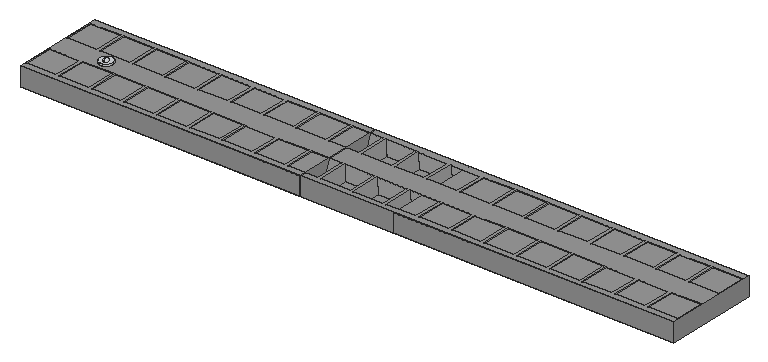
Revit family "2023775", category Lighting Fixtures, host Face, Revit 2018
Family settings
  Host = Face
  Round Connector Dimension = Use Diameter
  Part Type = Normal
  OmniClass Number = 23.80.70.00
  OmniClass Title = Lighting
  Cut with Voids When Loaded = No
  Light Source = Yes
  Shared = No
  Room Calculation Point = No
Parameters (values of type "2023775 OPTIX S 1500 2L D/I HO 4K ALU SSA02")
  Weight = "n/a"
  Wattage Comments = ""
  Wattage = 9.2903 W
  WarrantyStartDate [instance] = "n/a"
  WarrantyGuarantorParts = "n/a"
  WarrantyDurationUnit = "n/a"
  WarrantyDurationParts = ""
  WarrantyDescription = "http://www.sylvania-lighting.com"
  built-in parameter 1150110 = 1 (stored number, unit not read)
  Voltage = 0 V
  URL = "0.95"
  TypeName = "OPTIX SURFACE 1500 2L D/I HO 4000K ALU SSA02"
  Type Image = <None>
  Type Comments = "n/a"
  built-in parameter 1114217 = 1 (stored number, unit not read)
  Tilt Angle = -90.00°
  built-in parameter 1150109 = 1 (stored number, unit not read)
  built-in parameter 1150134 = 3
  built-in parameter 1150113 = 1 (stored number, unit not read)
  SerialNumber [instance] = "n/a"
  Photometric Web File = "2023775.ies"
  Material_3_SYL = none
  PowerFactor = 0
  PowerConsumption = "Lighting"
  NominalLength = 200 mm
  NominalHeight = 45 mm
  NominalDepth = 200 mm
  Name = "OPTIX SURFACE 1500 2L D/I HO 4000K ALU SSA02"
  ModelReference = Name  # "OPTIX SURFACE 1500 2L D/I HO 4000K ALU SSA02"
  ModelNumber = "2023775"
  Model = Name  # "OPTIX SURFACE 1500 2L D/I HO 4000K ALU SSA02"
  Material = "Feilo Sylvania"
  ManufacturerName = "149 lm/W"
  Manufacturer = ""
  LuminousEfficacy = ""
  built-in parameter 1150105 = 109.82 (stored number, unit not read)
  Lumens = 1380 lm
  LuminaireType = "0"
  built-in parameter 1150115 = 1 (stored number, unit not read)
  LightOutputRatio = "LED"
  built-in parameter 1150137 = (empty or 0)
  built-in parameter 1150139 = (empty or 0)
  LampsType = Lamp  # "n/a"
  LampNominalLuminous = "4000 K"
  LampMacAdamStep = "80"
  LampColourTemperature = "LED"
  LampColourRenderingIndex = "16500"
  built-in parameter 1150112 = 1 (stored number, unit not read)
  built-in parameter 1150114 = 1 (stored number, unit not read)
  Lamp = "n/a"
  Keynote = "n/a"
  InstallationDate [instance] = "n/a"
  InputVoltage = "0"
  InputNominalFrequency = "4000"
  built-in parameter 1150132 = (empty or 0)
  built-in parameter 1150102 = (empty or 0)
  built-in parameter 1150107 = 3200 (stored number, unit not read)
  built-in parameter 1150138 = (empty or 0)
  IngressProtection = "IfcLightFixtureType"
  ImpactProtectionIndex = "IfcLightFixtureType"
  built-in parameter 1150106 = 1.0982 (stored number, unit not read)
  IfcExportType = "IfcLightFixtureType"
  IfcExportAs = "Class I"
  Emit from Circle Diameter = 609.6 mm
  Emit Shape Visible in Rendering = no
  ElectricShockClassification = "149"
  built-in parameter 1150104 = 13.8 (stored number, unit not read)
  DocumentationLiterature = "http://www.sylvania-lighting.com/product/en-int/products/2023775"
  DimmingControlOptions = "n/a"
  Material_2_SYL = none
  Dimming Lamp Color Temperature Shift = <None>
  Description = "OPTIX SURFACE 1500x200 2 LINE D/I HO 4000K ALU SSA02 is a high efficacy low glare luminaire for office and education applications. Direct / Indirect lighting with 80% downlight and 20% uplight ratio for ceiling suspended mounting. Size: 1410x200x45mm. Aluminised plastic extra low glare optics in 2 lines configuration. White RAL9016 fixture body. SylSmart Connected capable. 4000K Neutral White LED, CRI>80, chromaticity tolerance of 3-step MacAdam ellipse. Luminous flux 7000lm. Power consumption 47W. Luminaire efficacy 149lm/W. Lifespan: 60,000 hours L90B10. UGR<14, Luminance at 65°<200 Cd/m2, IK07, IP20. Photobiological safety risk group 0. Electrical protection Class I. Glow wire test 850°C."
  Default Elevation = 1219.2 mm
  CreatedOn = "22/09/2022"
  CreatedBy = "@sylvania-lighting.com"
  Cost = 0
  Color Filter = 16777215
  built-in parameter 1114216 [instance] = (empty or 0)
  ClassificationValue = "EF_70_80"
  ClassificationName = "Uniclass2015"
  Material_1_SYL = none
  BarCode [instance] = "n/a"
  built-in parameter 1114218 = 1 (stored number, unit not read)
  built-in parameter 1150133 = 10 (stored number, unit not read)
  AssetType = "Fixed"
  AssetIdentifier [instance] = "n/a"
  Assembly Code = "D5020200"
  Apparent Load = 47 VA
  Material_4_SYL = none
Reference planes
  plane 1 "Center (Front/Back)": y = 0
  plane 2: z = 0
  plane 3 "Center (Left/Right)": x = 0
  plane 4: x = -100
  plane 5: x = 100
  plane 6: y = 100
  plane 7: y = -100
  plane 8: z = 45
  plane 9: x = -698.5
  plane 10: x = 698.5
  plane 11: x = -633
  plane 12: y = 23
  plane 13: y = -23
  plane 14: x = -563
  plane 15: x = -557
  plane 16: x = -493
  plane 17: x = -487
  plane 18: x = -423
  plane 19: x = -417
  plane 20: x = -353
  plane 21: x = -347
  plane 22: x = -283
  plane 23: x = -277
  plane 24: x = -213
  plane 25: x = -206.997
  plane 26: x = -142.997
  plane 27: x = -136.997
  plane 28: x = -72.997
  plane 29: x = -66.997
  plane 30: x = -2.997
  plane 31: x = 3.003
  plane 32: x = 67.003
  plane 33: x = 73.003
  plane 34: x = 137.003
  plane 35: x = 143.003
  plane 36: x = 207.003
  plane 37: x = 213.003
  plane 38: x = 277.003
  plane 39: x = 283.003
  plane 40: x = 347.003
  plane 41: x = 353.003
  plane 42: x = 417.003
  plane 43: x = 423.003
  plane 44: x = 487.003
  plane 45: x = 493.003
  plane 46: x = 557.003
  plane 47: x = 563.003
  plane 48: x = 627.003
  plane 49: x = 633.003
  plane 50: x = -627
  plane 51: x = 697.011
  plane 52: x = -697
  plane 53: y = -87
  plane 54: y = -55
  plane 55: y = -33.5
  plane 56: y = -76.5
  plane 57: x = -665
  plane 58: x = -643.5
  plane 59: x = -686.5
  plane 60: x = -595
  plane 61: y = -5
  plane 62: z = 52.5
Forms (mm)
  Extrusion 1, solid, material "Aluminum", detail levels medium+fine
    sketch origin (0, 0, 0) x (1, 0, 0) y (0, 1, 0)
      loop
        line (-512.5, 10) -> (-512.5, -10) -> (-487.5, -10) -> (-487.5, 10) -> (-512.5, 10)
    from 0 to 6
  Extrusion 2, solid, material "Aluminum", detail levels medium+fine
    sketch origin (0, 0, 0) x (1, 0, 0) y (0, 1, 0)
      loop
        line (486, 10) -> (486, -10) -> (511, -10) -> (511, 10) -> (486, 10)
    from 0 to 6
  Extrusion 3, solid, material "Aluminum", detail levels medium+fine
    sketch origin (0, 0, 0) x (1, 0, 0) y (0, 1, 0)
      loop
        line (-698.5, 100) -> (-698.5, -100) -> (698.5, -100) -> (698.5, 100) -> (-698.5, 100)
    from 6 to 45
  Extrusion 4, solid, material "Aluminum", detail levels medium+fine
    sketch origin (0, 0, 0) x (1, 0, 0) y (0, 1, 0)
      loop
        line (-100, 100) -> (-698.5, 100) -> (-698.5, -100) -> (-100, -100) -> (-100, 100)
    from 6 to 45
  Extrusion 5, solid, material "Aluminum", detail levels medium+fine
    sketch origin (0, 0, 0) x (1, 0, 0) y (0, 1, 0)
      loop
        line (698.5, 100) -> (100, 100) -> (100, -100) -> (698.5, -100) -> (698.5, 100)
    from 6 to 45
  Blend 6, void
    base sketch origin (0, 0, 0) x (1, 0, 0) y (0, 1, 0)
      loop
        line (-697, -23) -> (-697, -87) -> (-633, -87) -> (-633, -23) -> (-697, -23)
    top sketch origin (0, 0, 0) x (1, 0, 0) y (0, 1, 0)
      loop
        line (-686.5, -33.5) -> (-686.5, -76.5) -> (-643.5, -76.5) -> (-643.5, -33.5) -> (-686.5, -33.5)
    from 45 to 18.5
  Extrusion 7, solid, material "Glass, White, High Luminance", detail levels fine
    sketch origin (0, 0, 0) x (1, 0, 0) y (0, 1, 0)
      loop
        line (-686.5, -33.5) -> (-686.5, -76.5) -> (-643.5, -76.5) -> (-643.5, -33.5) -> (-686.5, -33.5)
    from 18.5 to 20
  Blend 8, void
    base sketch origin (70, 0, 0) x (1, 0, 0) y (0, 1, 0)
      loop
        line (-697, -23) -> (-697, -87) -> (-633, -87) -> (-633, -23) -> (-697, -23)
    top sketch origin (70, 0, 0) x (1, 0, 0) y (0, 1, 0)
      loop
        line (-686.5, -33.5) -> (-686.5, -76.5) -> (-643.5, -76.5) -> (-643.5, -33.5) -> (-686.5, -33.5)
    from 45 to 18.5
  Blend 9, void
    base sketch origin (140, 0, 0) x (1, 0, 0) y (0, 1, 0)
      loop
        line (-697, -23) -> (-697, -87) -> (-633, -87) -> (-633, -23) -> (-697, -23)
    top sketch origin (140, 0, 0) x (1, 0, 0) y (0, 1, 0)
      loop
        line (-686.5, -33.5) -> (-686.5, -76.5) -> (-643.5, -76.5) -> (-643.5, -33.5) -> (-686.5, -33.5)
    from 45 to 18.5
  Blend 10, void
    base sketch origin (210, 0, 0) x (1, 0, 0) y (0, 1, 0)
      loop
        line (-697, -23) -> (-697, -87) -> (-633, -87) -> (-633, -23) -> (-697, -23)
    top sketch origin (210, 0, 0) x (1, 0, 0) y (0, 1, 0)
      loop
        line (-686.5, -33.5) -> (-686.5, -76.5) -> (-643.5, -76.5) -> (-643.5, -33.5) -> (-686.5, -33.5)
    from 45 to 18.5
  Blend 11, void
    base sketch origin (280, 0, 0) x (1, 0, 0) y (0, 1, 0)
      loop
        line (-697, -23) -> (-697, -87) -> (-633, -87) -> (-633, -23) -> (-697, -23)
    top sketch origin (280, 0, 0) x (1, 0, 0) y (0, 1, 0)
      loop
        line (-686.5, -33.5) -> (-686.5, -76.5) -> (-643.5, -76.5) -> (-643.5, -33.5) -> (-686.5, -33.5)
    from 45 to 18.5
  Blend 12, void
    base sketch origin (350, 0, 0) x (1, 0, 0) y (0, 1, 0)
      loop
        line (-697, -23) -> (-697, -87) -> (-633, -87) -> (-633, -23) -> (-697, -23)
    top sketch origin (350, 0, 0) x (1, 0, 0) y (0, 1, 0)
      loop
        line (-686.5, -33.5) -> (-686.5, -76.5) -> (-643.5, -76.5) -> (-643.5, -33.5) -> (-686.5, -33.5)
    from 45 to 18.5
  Blend 13, void
    base sketch origin (420, 0, 0) x (1, 0, 0) y (0, 1, 0)
      loop
        line (-697, -23) -> (-697, -87) -> (-633, -87) -> (-633, -23) -> (-697, -23)
    top sketch origin (420, 0, 0) x (1, 0, 0) y (0, 1, 0)
      loop
        line (-686.5, -33.5) -> (-686.5, -76.5) -> (-643.5, -76.5) -> (-643.5, -33.5) -> (-686.5, -33.5)
    from 45 to 18.5
  Blend 14, void
    base sketch origin (490.003, 0, 0) x (1, 0, 0) y (0, 1, 0)
      loop
        line (-697, -23) -> (-697, -87) -> (-633, -87) -> (-633, -23) -> (-697, -23)
    top sketch origin (490.003, 0, 0) x (1, 0, 0) y (0, 1, 0)
      loop
        line (-686.5, -33.5) -> (-686.5, -76.5) -> (-643.5, -76.5) -> (-643.5, -33.5) -> (-686.5, -33.5)
    from 45 to 18.5
  Blend 15, void
    base sketch origin (560.003, 0, 0) x (1, 0, 0) y (0, 1, 0)
      loop
        line (-697, -23) -> (-697, -87) -> (-633, -87) -> (-633, -23) -> (-697, -23)
    top sketch origin (560.003, 0, 0) x (1, 0, 0) y (0, 1, 0)
      loop
        line (-686.5, -33.5) -> (-686.5, -76.5) -> (-643.5, -76.5) -> (-643.5, -33.5) -> (-686.5, -33.5)
    from 45 to 18.5
  Blend 16, void
    base sketch origin (630.003, 0, 0) x (1, 0, 0) y (0, 1, 0)
      loop
        line (-697, -23) -> (-697, -87) -> (-633, -87) -> (-633, -23) -> (-697, -23)
    top sketch origin (630.003, 0, 0) x (1, 0, 0) y (0, 1, 0)
      loop
        line (-686.5, -33.5) -> (-686.5, -76.5) -> (-643.5, -76.5) -> (-643.5, -33.5) -> (-686.5, -33.5)
    from 45 to 18.5
  Blend 17, void
    base sketch origin (700.003, 0, 0) x (1, 0, 0) y (0, 1, 0)
      loop
        line (-697, -23) -> (-697, -87) -> (-633, -87) -> (-633, -23) -> (-697, -23)
    top sketch origin (700.003, 0, 0) x (1, 0, 0) y (0, 1, 0)
      loop
        line (-686.5, -33.5) -> (-686.5, -76.5) -> (-643.5, -76.5) -> (-643.5, -33.5) -> (-686.5, -33.5)
    from 45 to 18.5
  Blend 18, void
    base sketch origin (770.003, 0, 0) x (1, 0, 0) y (0, 1, 0)
      loop
        line (-697, -23) -> (-697, -87) -> (-633, -87) -> (-633, -23) -> (-697, -23)
    top sketch origin (770.003, 0, 0) x (1, 0, 0) y (0, 1, 0)
      loop
        line (-686.5, -33.5) -> (-686.5, -76.5) -> (-643.5, -76.5) -> (-643.5, -33.5) -> (-686.5, -33.5)
    from 45 to 18.5
  Blend 19, void
    base sketch origin (840.003, 0, 0) x (1, 0, 0) y (0, 1, 0)
      loop
        line (-697, -23) -> (-697, -87) -> (-633, -87) -> (-633, -23) -> (-697, -23)
    top sketch origin (840.003, 0, 0) x (1, 0, 0) y (0, 1, 0)
      loop
        line (-686.5, -33.5) -> (-686.5, -76.5) -> (-643.5, -76.5) -> (-643.5, -33.5) -> (-686.5, -33.5)
    from 45 to 18.5
  Blend 20, void
    base sketch origin (910.003, 0, 0) x (1, 0, 0) y (0, 1, 0)
      loop
        line (-697, -23) -> (-697, -87) -> (-633, -87) -> (-633, -23) -> (-697, -23)
    top sketch origin (910.003, 0, 0) x (1, 0, 0) y (0, 1, 0)
      loop
        line (-686.5, -33.5) -> (-686.5, -76.5) -> (-643.5, -76.5) -> (-643.5, -33.5) -> (-686.5, -33.5)
    from 45 to 18.5
  Blend 21, void
    base sketch origin (980.003, 0, 0) x (1, 0, 0) y (0, 1, 0)
      loop
        line (-697, -23) -> (-697, -87) -> (-633, -87) -> (-633, -23) -> (-697, -23)
    top sketch origin (980.003, 0, 0) x (1, 0, 0) y (0, 1, 0)
      loop
        line (-686.5, -33.5) -> (-686.5, -76.5) -> (-643.5, -76.5) -> (-643.5, -33.5) -> (-686.5, -33.5)
    from 45 to 18.5
  Blend 22, void
    base sketch origin (1050.003, 0, 0) x (1, 0, 0) y (0, 1, 0)
      loop
        line (-697, -23) -> (-697, -87) -> (-633, -87) -> (-633, -23) -> (-697, -23)
    top sketch origin (1050.003, 0, 0) x (1, 0, 0) y (0, 1, 0)
      loop
        line (-686.5, -33.5) -> (-686.5, -76.5) -> (-643.5, -76.5) -> (-643.5, -33.5) -> (-686.5, -33.5)
    from 45 to 18.5
  Blend 23, void
    base sketch origin (1120.003, 0, 0) x (1, 0, 0) y (0, 1, 0)
      loop
        line (-697, -23) -> (-697, -87) -> (-633, -87) -> (-633, -23) -> (-697, -23)
    top sketch origin (1120.003, 0, 0) x (1, 0, 0) y (0, 1, 0)
      loop
        line (-686.5, -33.5) -> (-686.5, -76.5) -> (-643.5, -76.5) -> (-643.5, -33.5) -> (-686.5, -33.5)
    from 45 to 18.5
  Blend 24, void
    base sketch origin (1190.003, 0, 0) x (1, 0, 0) y (0, 1, 0)
      loop
        line (-697, -23) -> (-697, -87) -> (-633, -87) -> (-633, -23) -> (-697, -23)
    top sketch origin (1190.003, 0, 0) x (1, 0, 0) y (0, 1, 0)
      loop
        line (-686.5, -33.5) -> (-686.5, -76.5) -> (-643.5, -76.5) -> (-643.5, -33.5) -> (-686.5, -33.5)
    from 45 to 18.5
  Blend 25, void
    base sketch origin (1260.003, 0, 0) x (1, 0, 0) y (0, 1, 0)
      loop
        line (-697, -23) -> (-697, -87) -> (-633, -87) -> (-633, -23) -> (-697, -23)
    top sketch origin (1260.003, 0, 0) x (1, 0, 0) y (0, 1, 0)
      loop
        line (-686.5, -33.5) -> (-686.5, -76.5) -> (-643.5, -76.5) -> (-643.5, -33.5) -> (-686.5, -33.5)
    from 45 to 18.5
  Blend 26, void
    base sketch origin (1330.003, 0, 0) x (1, 0, 0) y (0, 1, 0)
      loop
        line (-697, -23) -> (-697, -87) -> (-633, -87) -> (-633, -23) -> (-697, -23)
    top sketch origin (1330.003, 0, 0) x (1, 0, 0) y (0, 1, 0)
      loop
        line (-686.5, -33.5) -> (-686.5, -76.5) -> (-643.5, -76.5) -> (-643.5, -33.5) -> (-686.5, -33.5)
    from 45 to 18.5
  Extrusion 27, solid, material "Glass, White, High Luminance", detail levels fine
    sketch origin (70, 0, 0) x (1, 0, 0) y (0, 1, 0)
      loop
        line (-686.5, -33.5) -> (-686.5, -76.5) -> (-643.5, -76.5) -> (-643.5, -33.5) -> (-686.5, -33.5)
    from 18.5 to 20
  Extrusion 28, solid, material "Glass, White, High Luminance", detail levels fine
    sketch origin (140, 0, 0) x (1, 0, 0) y (0, 1, 0)
      loop
        line (-686.5, -33.5) -> (-686.5, -76.5) -> (-643.5, -76.5) -> (-643.5, -33.5) -> (-686.5, -33.5)
    from 18.5 to 20
  Extrusion 29, solid, material "Glass, White, High Luminance", detail levels fine
    sketch origin (210, 0, 0) x (1, 0, 0) y (0, 1, 0)
      loop
        line (-686.5, -33.5) -> (-686.5, -76.5) -> (-643.5, -76.5) -> (-643.5, -33.5) -> (-686.5, -33.5)
    from 18.5 to 20
  Extrusion 30, solid, material "Glass, White, High Luminance", detail levels fine
    sketch origin (280, 0, 0) x (1, 0, 0) y (0, 1, 0)
      loop
        line (-686.5, -33.5) -> (-686.5, -76.5) -> (-643.5, -76.5) -> (-643.5, -33.5) -> (-686.5, -33.5)
    from 18.5 to 20
  Extrusion 31, solid, material "Glass, White, High Luminance", detail levels fine
    sketch origin (350, 0, 0) x (1, 0, 0) y (0, 1, 0)
      loop
        line (-686.5, -33.5) -> (-686.5, -76.5) -> (-643.5, -76.5) -> (-643.5, -33.5) -> (-686.5, -33.5)
    from 18.5 to 20
  Extrusion 32, solid, material "Glass, White, High Luminance", detail levels fine
    sketch origin (420, 0, 0) x (1, 0, 0) y (0, 1, 0)
      loop
        line (-686.5, -33.5) -> (-686.5, -76.5) -> (-643.5, -76.5) -> (-643.5, -33.5) -> (-686.5, -33.5)
    from 18.5 to 20
  Extrusion 33, solid, material "Glass, White, High Luminance", detail levels fine
    sketch origin (490.003, 0, 0) x (1, 0, 0) y (0, 1, 0)
      loop
        line (-686.5, -33.5) -> (-686.5, -76.5) -> (-643.5, -76.5) -> (-643.5, -33.5) -> (-686.5, -33.5)
    from 18.5 to 20
  Extrusion 34, solid, material "Glass, White, High Luminance", detail levels fine
    sketch origin (560.003, 0, 0) x (1, 0, 0) y (0, 1, 0)
      loop
        line (-686.5, -33.5) -> (-686.5, -76.5) -> (-643.5, -76.5) -> (-643.5, -33.5) -> (-686.5, -33.5)
    from 18.5 to 20
  Extrusion 35, solid, material "Glass, White, High Luminance", detail levels fine
    sketch origin (630.003, 0, 0) x (1, 0, 0) y (0, 1, 0)
      loop
        line (-686.5, -33.5) -> (-686.5, -76.5) -> (-643.5, -76.5) -> (-643.5, -33.5) -> (-686.5, -33.5)
    from 18.5 to 20
  Extrusion 36, solid, material "Glass, White, High Luminance", detail levels fine
    sketch origin (700.003, 0, 0) x (1, 0, 0) y (0, 1, 0)
      loop
        line (-686.5, -33.5) -> (-686.5, -76.5) -> (-643.5, -76.5) -> (-643.5, -33.5) -> (-686.5, -33.5)
    from 18.5 to 20
  Extrusion 37, solid, material "Glass, White, High Luminance", detail levels fine
    sketch origin (770.003, 0, 0) x (1, 0, 0) y (0, 1, 0)
      loop
        line (-686.5, -33.5) -> (-686.5, -76.5) -> (-643.5, -76.5) -> (-643.5, -33.5) -> (-686.5, -33.5)
    from 18.5 to 20
  Extrusion 38, solid, material "Glass, White, High Luminance", detail levels fine
    sketch origin (840.003, 0, 0) x (1, 0, 0) y (0, 1, 0)
      loop
        line (-686.5, -33.5) -> (-686.5, -76.5) -> (-643.5, -76.5) -> (-643.5, -33.5) -> (-686.5, -33.5)
    from 18.5 to 20
  Extrusion 39, solid, material "Glass, White, High Luminance", detail levels fine
    sketch origin (910.003, 0, 0) x (1, 0, 0) y (0, 1, 0)
      loop
        line (-686.5, -33.5) -> (-686.5, -76.5) -> (-643.5, -76.5) -> (-643.5, -33.5) -> (-686.5, -33.5)
    from 18.5 to 20
  Extrusion 40, solid, material "Glass, White, High Luminance", detail levels fine
    sketch origin (980.003, 0, 0) x (1, 0, 0) y (0, 1, 0)
      loop
        line (-686.5, -33.5) -> (-686.5, -76.5) -> (-643.5, -76.5) -> (-643.5, -33.5) -> (-686.5, -33.5)
    from 18.5 to 20
  Extrusion 41, solid, material "Glass, White, High Luminance", detail levels fine
    sketch origin (1050.003, 0, 0) x (1, 0, 0) y (0, 1, 0)
      loop
        line (-686.5, -33.5) -> (-686.5, -76.5) -> (-643.5, -76.5) -> (-643.5, -33.5) -> (-686.5, -33.5)
    from 18.5 to 20
  Extrusion 42, solid, material "Glass, White, High Luminance", detail levels fine
    sketch origin (1120.003, 0, 0) x (1, 0, 0) y (0, 1, 0)
      loop
        line (-686.5, -33.5) -> (-686.5, -76.5) -> (-643.5, -76.5) -> (-643.5, -33.5) -> (-686.5, -33.5)
    from 18.5 to 20
  Extrusion 43, solid, material "Glass, White, High Luminance", detail levels fine
    sketch origin (1190.003, 0, 0) x (1, 0, 0) y (0, 1, 0)
      loop
        line (-686.5, -33.5) -> (-686.5, -76.5) -> (-643.5, -76.5) -> (-643.5, -33.5) -> (-686.5, -33.5)
    from 18.5 to 20
  Extrusion 44, solid, material "Glass, White, High Luminance", detail levels fine
    sketch origin (1260.003, 0, 0) x (1, 0, 0) y (0, 1, 0)
      loop
        line (-686.5, -33.5) -> (-686.5, -76.5) -> (-643.5, -76.5) -> (-643.5, -33.5) -> (-686.5, -33.5)
    from 18.5 to 20
  Extrusion 45, solid, material "Glass, White, High Luminance", detail levels fine
    sketch origin (1330.003, 0, 0) x (1, 0, 0) y (0, 1, 0)
      loop
        line (-686.5, -33.5) -> (-686.5, -76.5) -> (-643.5, -76.5) -> (-643.5, -33.5) -> (-686.5, -33.5)
    from 18.5 to 20
  Blend 46, void
    base sketch origin (0, 110, 0) x (1, 0, 0) y (0, 1, 0)
      loop
        line (-697, -23) -> (-697, -87) -> (-633, -87) -> (-633, -23) -> (-697, -23)
    top sketch origin (0, 110, 0) x (1, 0, 0) y (0, 1, 0)
      loop
        line (-686.5, -33.5) -> (-686.5, -76.5) -> (-643.5, -76.5) -> (-643.5, -33.5) -> (-686.5, -33.5)
    from 45 to 18.5
  Blend 47, void
    base sketch origin (70, 110, 0) x (1, 0, 0) y (0, 1, 0)
      loop
        line (-697, -23) -> (-697, -87) -> (-633, -87) -> (-633, -23) -> (-697, -23)
    top sketch origin (70, 110, 0) x (1, 0, 0) y (0, 1, 0)
      loop
        line (-686.5, -33.5) -> (-686.5, -76.5) -> (-643.5, -76.5) -> (-643.5, -33.5) -> (-686.5, -33.5)
    from 45 to 18.5
  Blend 48, void
    base sketch origin (140, 110, 0) x (1, 0, 0) y (0, 1, 0)
      loop
        line (-697, -23) -> (-697, -87) -> (-633, -87) -> (-633, -23) -> (-697, -23)
    top sketch origin (140, 110, 0) x (1, 0, 0) y (0, 1, 0)
      loop
        line (-686.5, -33.5) -> (-686.5, -76.5) -> (-643.5, -76.5) -> (-643.5, -33.5) -> (-686.5, -33.5)
    from 45 to 18.5
  Blend 49, void
    base sketch origin (210, 110, 0) x (1, 0, 0) y (0, 1, 0)
      loop
        line (-697, -23) -> (-697, -87) -> (-633, -87) -> (-633, -23) -> (-697, -23)
    top sketch origin (210, 110, 0) x (1, 0, 0) y (0, 1, 0)
      loop
        line (-686.5, -33.5) -> (-686.5, -76.5) -> (-643.5, -76.5) -> (-643.5, -33.5) -> (-686.5, -33.5)
    from 45 to 18.5
  Blend 50, void
    base sketch origin (280, 110, 0) x (1, 0, 0) y (0, 1, 0)
      loop
        line (-697, -23) -> (-697, -87) -> (-633, -87) -> (-633, -23) -> (-697, -23)
    top sketch origin (280, 110, 0) x (1, 0, 0) y (0, 1, 0)
      loop
        line (-686.5, -33.5) -> (-686.5, -76.5) -> (-643.5, -76.5) -> (-643.5, -33.5) -> (-686.5, -33.5)
    from 45 to 18.5
  Blend 51, void
    base sketch origin (350, 110, 0) x (1, 0, 0) y (0, 1, 0)
      loop
        line (-697, -23) -> (-697, -87) -> (-633, -87) -> (-633, -23) -> (-697, -23)
    top sketch origin (350, 110, 0) x (1, 0, 0) y (0, 1, 0)
      loop
        line (-686.5, -33.5) -> (-686.5, -76.5) -> (-643.5, -76.5) -> (-643.5, -33.5) -> (-686.5, -33.5)
    from 45 to 18.5
  Blend 52, void
    base sketch origin (420, 110, 0) x (1, 0, 0) y (0, 1, 0)
      loop
        line (-697, -23) -> (-697, -87) -> (-633, -87) -> (-633, -23) -> (-697, -23)
    top sketch origin (420, 110, 0) x (1, 0, 0) y (0, 1, 0)
      loop
        line (-686.5, -33.5) -> (-686.5, -76.5) -> (-643.5, -76.5) -> (-643.5, -33.5) -> (-686.5, -33.5)
    from 45 to 18.5
  Blend 53, void
    base sketch origin (490.003, 110, 0) x (1, 0, 0) y (0, 1, 0)
      loop
        line (-697, -23) -> (-697, -87) -> (-633, -87) -> (-633, -23) -> (-697, -23)
    top sketch origin (490.003, 110, 0) x (1, 0, 0) y (0, 1, 0)
      loop
        line (-686.5, -33.5) -> (-686.5, -76.5) -> (-643.5, -76.5) -> (-643.5, -33.5) -> (-686.5, -33.5)
    from 45 to 18.5
  Blend 54, void
    base sketch origin (560.003, 110, 0) x (1, 0, 0) y (0, 1, 0)
      loop
        line (-697, -23) -> (-697, -87) -> (-633, -87) -> (-633, -23) -> (-697, -23)
    top sketch origin (560.003, 110, 0) x (1, 0, 0) y (0, 1, 0)
      loop
        line (-686.5, -33.5) -> (-686.5, -76.5) -> (-643.5, -76.5) -> (-643.5, -33.5) -> (-686.5, -33.5)
    from 45 to 18.5
  Blend 55, void
    base sketch origin (630.003, 110, 0) x (1, 0, 0) y (0, 1, 0)
      loop
        line (-697, -23) -> (-697, -87) -> (-633, -87) -> (-633, -23) -> (-697, -23)
    top sketch origin (630.003, 110, 0) x (1, 0, 0) y (0, 1, 0)
      loop
        line (-686.5, -33.5) -> (-686.5, -76.5) -> (-643.5, -76.5) -> (-643.5, -33.5) -> (-686.5, -33.5)
    from 45 to 18.5
  Blend 56, void
    base sketch origin (700.003, 110, 0) x (1, 0, 0) y (0, 1, 0)
      loop
        line (-697, -23) -> (-697, -87) -> (-633, -87) -> (-633, -23) -> (-697, -23)
    top sketch origin (700.003, 110, 0) x (1, 0, 0) y (0, 1, 0)
      loop
        line (-686.5, -33.5) -> (-686.5, -76.5) -> (-643.5, -76.5) -> (-643.5, -33.5) -> (-686.5, -33.5)
    from 45 to 18.5
  Blend 57, void
    base sketch origin (770.003, 110, 0) x (1, 0, 0) y (0, 1, 0)
      loop
        line (-697, -23) -> (-697, -87) -> (-633, -87) -> (-633, -23) -> (-697, -23)
    top sketch origin (770.003, 110, 0) x (1, 0, 0) y (0, 1, 0)
      loop
        line (-686.5, -33.5) -> (-686.5, -76.5) -> (-643.5, -76.5) -> (-643.5, -33.5) -> (-686.5, -33.5)
    from 45 to 18.5
  Blend 58, void
    base sketch origin (840.003, 110, 0) x (1, 0, 0) y (0, 1, 0)
      loop
        line (-697, -23) -> (-697, -87) -> (-633, -87) -> (-633, -23) -> (-697, -23)
    top sketch origin (840.003, 110, 0) x (1, 0, 0) y (0, 1, 0)
      loop
        line (-686.5, -33.5) -> (-686.5, -76.5) -> (-643.5, -76.5) -> (-643.5, -33.5) -> (-686.5, -33.5)
    from 45 to 18.5
  Blend 59, void
    base sketch origin (910.003, 110, 0) x (1, 0, 0) y (0, 1, 0)
      loop
        line (-697, -23) -> (-697, -87) -> (-633, -87) -> (-633, -23) -> (-697, -23)
    top sketch origin (910.003, 110, 0) x (1, 0, 0) y (0, 1, 0)
      loop
        line (-686.5, -33.5) -> (-686.5, -76.5) -> (-643.5, -76.5) -> (-643.5, -33.5) -> (-686.5, -33.5)
    from 45 to 18.5
  Blend 60, void
    base sketch origin (980.003, 110, 0) x (1, 0, 0) y (0, 1, 0)
      loop
        line (-697, -23) -> (-697, -87) -> (-633, -87) -> (-633, -23) -> (-697, -23)
    top sketch origin (980.003, 110, 0) x (1, 0, 0) y (0, 1, 0)
      loop
        line (-686.5, -33.5) -> (-686.5, -76.5) -> (-643.5, -76.5) -> (-643.5, -33.5) -> (-686.5, -33.5)
    from 45 to 18.5
  Blend 61, void
    base sketch origin (1050.003, 110, 0) x (1, 0, 0) y (0, 1, 0)
      loop
        line (-697, -23) -> (-697, -87) -> (-633, -87) -> (-633, -23) -> (-697, -23)
    top sketch origin (1050.003, 110, 0) x (1, 0, 0) y (0, 1, 0)
      loop
        line (-686.5, -33.5) -> (-686.5, -76.5) -> (-643.5, -76.5) -> (-643.5, -33.5) -> (-686.5, -33.5)
    from 45 to 18.5
  Blend 62, void
    base sketch origin (1120.003, 110, 0) x (1, 0, 0) y (0, 1, 0)
      loop
        line (-697, -23) -> (-697, -87) -> (-633, -87) -> (-633, -23) -> (-697, -23)
    top sketch origin (1120.003, 110, 0) x (1, 0, 0) y (0, 1, 0)
      loop
        line (-686.5, -33.5) -> (-686.5, -76.5) -> (-643.5, -76.5) -> (-643.5, -33.5) -> (-686.5, -33.5)
    from 45 to 18.5
  Blend 63, void
    base sketch origin (1190.003, 110, 0) x (1, 0, 0) y (0, 1, 0)
      loop
        line (-697, -23) -> (-697, -87) -> (-633, -87) -> (-633, -23) -> (-697, -23)
    top sketch origin (1190.003, 110, 0) x (1, 0, 0) y (0, 1, 0)
      loop
        line (-686.5, -33.5) -> (-686.5, -76.5) -> (-643.5, -76.5) -> (-643.5, -33.5) -> (-686.5, -33.5)
    from 45 to 18.5
  Blend 64, void
    base sketch origin (1260.003, 110, 0) x (1, 0, 0) y (0, 1, 0)
      loop
        line (-697, -23) -> (-697, -87) -> (-633, -87) -> (-633, -23) -> (-697, -23)
    top sketch origin (1260.003, 110, 0) x (1, 0, 0) y (0, 1, 0)
      loop
        line (-686.5, -33.5) -> (-686.5, -76.5) -> (-643.5, -76.5) -> (-643.5, -33.5) -> (-686.5, -33.5)
    from 45 to 18.5
  Blend 65, void
    base sketch origin (1330.003, 110, 0) x (1, 0, 0) y (0, 1, 0)
      loop
        line (-697, -23) -> (-697, -87) -> (-633, -87) -> (-633, -23) -> (-697, -23)
    top sketch origin (1330.003, 110, 0) x (1, 0, 0) y (0, 1, 0)
      loop
        line (-686.5, -33.5) -> (-686.5, -76.5) -> (-643.5, -76.5) -> (-643.5, -33.5) -> (-686.5, -33.5)
    from 45 to 18.5
  Extrusion 66, solid, material "Glass, White, High Luminance", detail levels fine
    sketch origin (0, 110, 0) x (1, 0, 0) y (0, 1, 0)
      loop
        line (-686.5, -33.5) -> (-686.5, -76.5) -> (-643.5, -76.5) -> (-643.5, -33.5) -> (-686.5, -33.5)
    from 18.5 to 20
  Extrusion 67, solid, material "Glass, White, High Luminance", detail levels fine
    sketch origin (70, 110, 0) x (1, 0, 0) y (0, 1, 0)
      loop
        line (-686.5, -33.5) -> (-686.5, -76.5) -> (-643.5, -76.5) -> (-643.5, -33.5) -> (-686.5, -33.5)
    from 18.5 to 20
  Extrusion 68, solid, material "Glass, White, High Luminance", detail levels fine
    sketch origin (140, 110, 0) x (1, 0, 0) y (0, 1, 0)
      loop
        line (-686.5, -33.5) -> (-686.5, -76.5) -> (-643.5, -76.5) -> (-643.5, -33.5) -> (-686.5, -33.5)
    from 18.5 to 20
  Extrusion 69, solid, material "Glass, White, High Luminance", detail levels fine
    sketch origin (210, 110, 0) x (1, 0, 0) y (0, 1, 0)
      loop
        line (-686.5, -33.5) -> (-686.5, -76.5) -> (-643.5, -76.5) -> (-643.5, -33.5) -> (-686.5, -33.5)
    from 18.5 to 20
  Extrusion 70, solid, material "Glass, White, High Luminance", detail levels fine
    sketch origin (280, 110, 0) x (1, 0, 0) y (0, 1, 0)
      loop
        line (-686.5, -33.5) -> (-686.5, -76.5) -> (-643.5, -76.5) -> (-643.5, -33.5) -> (-686.5, -33.5)
    from 18.5 to 20
  Extrusion 71, solid, material "Glass, White, High Luminance", detail levels fine
    sketch origin (350, 110, 0) x (1, 0, 0) y (0, 1, 0)
      loop
        line (-686.5, -33.5) -> (-686.5, -76.5) -> (-643.5, -76.5) -> (-643.5, -33.5) -> (-686.5, -33.5)
    from 18.5 to 20
  Extrusion 72, solid, material "Glass, White, High Luminance", detail levels fine
    sketch origin (420, 110, 0) x (1, 0, 0) y (0, 1, 0)
      loop
        line (-686.5, -33.5) -> (-686.5, -76.5) -> (-643.5, -76.5) -> (-643.5, -33.5) -> (-686.5, -33.5)
    from 18.5 to 20
  Extrusion 73, solid, material "Glass, White, High Luminance", detail levels fine
    sketch origin (700.003, 110, 0) x (1, 0, 0) y (0, 1, 0)
      loop
        line (-686.5, -33.5) -> (-686.5, -76.5) -> (-643.5, -76.5) -> (-643.5, -33.5) -> (-686.5, -33.5)
    from 18.5 to 20
  Extrusion 74, solid, material "Glass, White, High Luminance", detail levels fine
    sketch origin (770.003, 110, 0) x (1, 0, 0) y (0, 1, 0)
      loop
        line (-686.5, -33.5) -> (-686.5, -76.5) -> (-643.5, -76.5) -> (-643.5, -33.5) -> (-686.5, -33.5)
    from 18.5 to 20
  Extrusion 75, solid, material "Glass, White, High Luminance", detail levels fine
    sketch origin (840.003, 110, 0) x (1, 0, 0) y (0, 1, 0)
      loop
        line (-686.5, -33.5) -> (-686.5, -76.5) -> (-643.5, -76.5) -> (-643.5, -33.5) -> (-686.5, -33.5)
    from 18.5 to 20
  Extrusion 76, solid, material "Glass, White, High Luminance", detail levels fine
    sketch origin (910.003, 110, 0) x (1, 0, 0) y (0, 1, 0)
      loop
        line (-686.5, -33.5) -> (-686.5, -76.5) -> (-643.5, -76.5) -> (-643.5, -33.5) -> (-686.5, -33.5)
    from 18.5 to 20
  Extrusion 77, solid, material "Glass, White, High Luminance", detail levels fine
    sketch origin (980.003, 110, 0) x (1, 0, 0) y (0, 1, 0)
      loop
        line (-686.5, -33.5) -> (-686.5, -76.5) -> (-643.5, -76.5) -> (-643.5, -33.5) -> (-686.5, -33.5)
    from 18.5 to 20
  Extrusion 78, solid, material "Glass, White, High Luminance", detail levels fine
    sketch origin (1050.003, 110, 0) x (1, 0, 0) y (0, 1, 0)
      loop
        line (-686.5, -33.5) -> (-686.5, -76.5) -> (-643.5, -76.5) -> (-643.5, -33.5) -> (-686.5, -33.5)
    from 18.5 to 20
  Extrusion 79, solid, material "Glass, White, High Luminance", detail levels fine
    sketch origin (1120.003, 110, 0) x (1, 0, 0) y (0, 1, 0)
      loop
        line (-686.5, -33.5) -> (-686.5, -76.5) -> (-643.5, -76.5) -> (-643.5, -33.5) -> (-686.5, -33.5)
    from 18.5 to 20
  Extrusion 80, solid, material "Glass, White, High Luminance", detail levels fine
    sketch origin (1190.003, 110, 0) x (1, 0, 0) y (0, 1, 0)
      loop
        line (-686.5, -33.5) -> (-686.5, -76.5) -> (-643.5, -76.5) -> (-643.5, -33.5) -> (-686.5, -33.5)
    from 18.5 to 20
  Extrusion 81, solid, material "Glass, White, High Luminance", detail levels fine
    sketch origin (1260.003, 110, 0) x (1, 0, 0) y (0, 1, 0)
      loop
        line (-686.5, -33.5) -> (-686.5, -76.5) -> (-643.5, -76.5) -> (-643.5, -33.5) -> (-686.5, -33.5)
    from 18.5 to 20
  Extrusion 82, solid, material "Glass, White, High Luminance", detail levels fine
    sketch origin (1330.003, 110, 0) x (1, 0, 0) y (0, 1, 0)
      loop
        line (-686.5, -33.5) -> (-686.5, -76.5) -> (-643.5, -76.5) -> (-643.5, -33.5) -> (-686.5, -33.5)
    from 18.5 to 20
  Extrusion 83, solid, material "Glass, White, High Luminance", detail levels fine
    sketch origin (490.003, 110, 0) x (1, 0, 0) y (0, 1, 0)
      loop
        line (-686.5, -33.5) -> (-686.5, -76.5) -> (-643.5, -76.5) -> (-643.5, -33.5) -> (-686.5, -33.5)
    from 18.5 to 20
  Extrusion 84, solid, material "Glass, White, High Luminance", detail levels fine
    sketch origin (560.003, 110, 0) x (1, 0, 0) y (0, 1, 0)
      loop
        line (-686.5, -33.5) -> (-686.5, -76.5) -> (-643.5, -76.5) -> (-643.5, -33.5) -> (-686.5, -33.5)
    from 18.5 to 20
  Extrusion 85, solid, material "Glass, White, High Luminance", detail levels fine
    sketch origin (630.003, 110, 0) x (1, 0, 0) y (0, 1, 0)
      loop
        line (-686.5, -33.5) -> (-686.5, -76.5) -> (-643.5, -76.5) -> (-643.5, -33.5) -> (-686.5, -33.5)
    from 18.5 to 20
  Extrusion 86, solid, detail levels coarse
    sketch origin (0, 0, 0) x (1, 0, 0) y (0, 1, 0)
      loop
        line (-100, 100) -> (-100, -100) -> (100, -100) -> (100, 100) -> (-100, 100)
    from 0 to 52.5
  Extrusion 87, solid, detail levels medium+fine
    sketch origin (0, 0, 0) x (1, 0, 0) y (0, 1, 0)
      loop
        circle (-595, 0) r 14
    from 45 to 48
  Revolve 88, solid, detail levels medium+fine
    sketch origin (-595.001, 1524, 1219.205) x (0, 1, 0) y (0, 0, 1)
      loop
        arc (-1524, -1166.7) -> (-1527.37, -1167.983) -> (-1529, -1171.2) r 5
        line (-1529, -1171.2) -> (-1524, -1171.2) -> (-1524, -1166.7)
      axis (-1524, -1166.7) -> (-1524, -1171.2)
    angle from 0.32 to 360
Cuts and joins
  Blend 6, Blend 8, Blend 9, Blend 10, Blend 11, Blend 12, Blend 13, Blend 14, Blend 15, Blend 16, Blend 17, Blend 18, Blend 19, Blend 20, Blend 21, Blend 22, Blend 23, Blend 24, Blend 25, Blend 26, Blend 46, Blend 47, Blend 48, Blend 49, Blend 50, Blend 51, Blend 52, Blend 53, Blend 54, Blend 55, Blend 56, Blend 57, Blend 58, Blend 59, Blend 60, Blend 61, Blend 62, Blend 63, Blend 64, Blend 65 cuts Extrusion 3
  Blend 8, Blend 46 cuts Extrusion 7
  Blend 47 cuts Extrusion 27
  Blend 48 cuts Extrusion 28
  Blend 49 cuts Extrusion 29
  Blend 50 cuts Extrusion 30
  Blend 51 cuts Extrusion 31
  Blend 52 cuts Extrusion 32
  Blend 53 cuts Extrusion 33
  Blend 54 cuts Extrusion 34
  Blend 55 cuts Extrusion 35
  Blend 56 cuts Extrusion 36
  Blend 57 cuts Extrusion 37
  Blend 58 cuts Extrusion 38
  Blend 59 cuts Extrusion 39
  Blend 60 cuts Extrusion 40
  Blend 61 cuts Extrusion 41
  Blend 62 cuts Extrusion 42
  Blend 63 cuts Extrusion 43
  Blend 64 cuts Extrusion 44
  Blend 65 cuts Extrusion 45
Dimensions and locks
  "NominalLength": plane 4 to plane 5
  equal spacing: plane 4, plane 3 "Center (Left/Right)", plane 5
  "NominalDepth": plane 6 to plane 7
  equal spacing: plane 6, plane 1 "Center (Front/Back)", plane 7
  "NominalHeight": plane 8 to level
  aligned and locked: plane 2 to host face
  aligned and locked: level to host face
Automatic sketch dimensions
  host sketch curve to host sketch curve = 2438.4 mm  (x2)
  Extrusion 1 sketch curve to plane 16 = 19.5 mm
  Extrusion 1 sketch curve to plane 17 = 0.5 mm
  plane 1 "Center (Front/Back)" to Extrusion 1 sketch curve = 10 mm
  Extrusion 1 sketch curve to plane 1 "Center (Front/Back)" = 10 mm
  Extrusion 2 sketch curve to plane 44 = 1.003 mm
  plane 45 to Extrusion 2 sketch curve = 17.997 mm
  plane 1 "Center (Front/Back)" to Extrusion 2 sketch curve = 10 mm
  Extrusion 2 sketch curve to plane 1 "Center (Front/Back)" = 10 mm
  Extrusion 3 sketch curve to plane 7 = 0 mm
  Extrusion 3 sketch curve to plane 9 = 0 mm
  Extrusion 3 sketch curve to plane 10 = 0 mm
  Extrusion 3 sketch curve to plane 6 = 0 mm
  Extrusion 4 sketch curve to plane 4 = 0 mm
  Extrusion 4 sketch curve to plane 7 = 0 mm
  Extrusion 4 sketch curve to plane 9 = 0 mm
  Extrusion 4 sketch curve to plane 6 = 0 mm
  Extrusion 5 sketch curve to plane 7 = 0 mm
  Extrusion 5 sketch curve to plane 10 = 0 mm
  Extrusion 5 sketch curve to plane 5 = 0 mm
  Extrusion 5 sketch curve to plane 6 = 0 mm
  Blend 6 sketch curve to plane 52 = 0 mm
  Blend 6 sketch curve to plane 11 = 0 mm
  Blend 6 sketch curve to plane 53 = 0 mm
  Blend 6 sketch curve to plane 13 = 0 mm
  Blend 6 sketch curve to plane 56 = 0 mm
  Blend 6 sketch curve to plane 59 = 0 mm
  Blend 6 sketch curve to plane 58 = 0 mm
  Blend 6 sketch curve to plane 55 = 0 mm
  Extrusion 7 sketch curve to plane 56 = 0 mm
  Extrusion 7 sketch curve to plane 59 = 0 mm
  Extrusion 7 sketch curve to plane 58 = 0 mm
  Extrusion 7 sketch curve to plane 55 = 0 mm
  Blend 8 sketch curve to plane 50 = 0 mm
  Blend 8 sketch curve to plane 14 = 0 mm
  Blend 8 sketch curve to plane 53 = 0 mm
  Blend 8 sketch curve to plane 13 = 0 mm
  Blend 8 sketch curve to plane 56 = 0 mm
  Blend 8 sketch curve to plane 55 = 0 mm
  plane 50 to Blend 8 sketch curve = 10.5 mm
  Blend 8 sketch curve to plane 14 = 10.5 mm
  Blend 9 sketch curve to plane 15 = 0 mm
  Blend 9 sketch curve to plane 16 = 0 mm
  plane 53 to Blend 9 sketch curve = 0 mm
  Blend 9 sketch curve to plane 13 = 0 mm
  plane 56 to Blend 9 sketch curve = 0 mm
  plane 55 to Blend 9 sketch curve = 0 mm
  plane 15 to Blend 9 sketch curve = 10.5 mm
  Blend 9 sketch curve to plane 16 = 10.5 mm
  Blend 10 sketch curve to plane 17 = 0 mm
  Blend 10 sketch curve to plane 18 = 0 mm
  plane 53 to Blend 10 sketch curve = 0 mm
  Blend 10 sketch curve to plane 13 = 0 mm
  plane 56 to Blend 10 sketch curve = 0 mm
  plane 55 to Blend 10 sketch curve = 0 mm
  plane 17 to Blend 10 sketch curve = 10.5 mm
  Blend 10 sketch curve to plane 18 = 10.5 mm
  Blend 11 sketch curve to plane 19 = 0 mm
  Blend 11 sketch curve to plane 20 = 0 mm
  plane 53 to Blend 11 sketch curve = 0 mm
  Blend 11 sketch curve to plane 13 = 0 mm
  plane 56 to Blend 11 sketch curve = 0 mm
  plane 55 to Blend 11 sketch curve = 0 mm
  plane 19 to Blend 11 sketch curve = 10.5 mm
  Blend 11 sketch curve to plane 20 = 10.5 mm
  Blend 12 sketch curve to plane 21 = 0 mm
  Blend 12 sketch curve to plane 22 = 0 mm
  plane 53 to Blend 12 sketch curve = 0 mm
  Blend 12 sketch curve to plane 13 = 0 mm
  plane 56 to Blend 12 sketch curve = 0 mm
  plane 55 to Blend 12 sketch curve = 0 mm
  plane 21 to Blend 12 sketch curve = 10.5 mm
  Blend 12 sketch curve to plane 22 = 10.5 mm
  Blend 13 sketch curve to plane 23 = 0 mm
  Blend 13 sketch curve to plane 24 = 0 mm
  plane 53 to Blend 13 sketch curve = 0 mm
  Blend 13 sketch curve to plane 13 = 0 mm
  plane 56 to Blend 13 sketch curve = 0 mm
  plane 55 to Blend 13 sketch curve = 0 mm
  plane 23 to Blend 13 sketch curve = 10.5 mm
  Blend 13 sketch curve to plane 24 = 10.5 mm
  Blend 14 sketch curve to plane 25 = 0 mm
  Blend 14 sketch curve to plane 26 = 0 mm
  plane 53 to Blend 14 sketch curve = 0 mm
  Blend 14 sketch curve to plane 13 = 0 mm
  plane 56 to Blend 14 sketch curve = 0 mm
  plane 55 to Blend 14 sketch curve = 0 mm
  plane 25 to Blend 14 sketch curve = 10.5 mm
  Blend 14 sketch curve to plane 26 = 10.5 mm
  Blend 15 sketch curve to plane 27 = 0 mm
  Blend 15 sketch curve to plane 28 = 0 mm
  plane 53 to Blend 15 sketch curve = 0 mm
  Blend 15 sketch curve to plane 13 = 0 mm
  plane 56 to Blend 15 sketch curve = 0 mm
  plane 55 to Blend 15 sketch curve = 0 mm
  plane 27 to Blend 15 sketch curve = 10.5 mm
  Blend 15 sketch curve to plane 28 = 10.5 mm
  Blend 16 sketch curve to plane 29 = 0 mm
  Blend 16 sketch curve to plane 30 = 0 mm
  plane 53 to Blend 16 sketch curve = 0 mm
  Blend 16 sketch curve to plane 13 = 0 mm
  plane 56 to Blend 16 sketch curve = 0 mm
  plane 55 to Blend 16 sketch curve = 0 mm
  plane 29 to Blend 16 sketch curve = 10.5 mm
  Blend 16 sketch curve to plane 30 = 10.5 mm
  Blend 17 sketch curve to plane 31 = 0 mm
  Blend 17 sketch curve to plane 32 = 0 mm
  plane 53 to Blend 17 sketch curve = 0 mm
  Blend 17 sketch curve to plane 13 = 0 mm
  plane 56 to Blend 17 sketch curve = 0 mm
  plane 55 to Blend 17 sketch curve = 0 mm
  plane 31 to Blend 17 sketch curve = 10.5 mm
  Blend 17 sketch curve to plane 32 = 10.5 mm
  Blend 18 sketch curve to plane 33 = 0 mm
  Blend 18 sketch curve to plane 34 = 0 mm
  plane 53 to Blend 18 sketch curve = 0 mm
  Blend 18 sketch curve to plane 13 = 0 mm
  plane 56 to Blend 18 sketch curve = 0 mm
  plane 55 to Blend 18 sketch curve = 0 mm
  plane 33 to Blend 18 sketch curve = 10.5 mm
  Blend 18 sketch curve to plane 34 = 10.5 mm
  Blend 19 sketch curve to plane 35 = 0 mm
  Blend 19 sketch curve to plane 36 = 0 mm
  plane 53 to Blend 19 sketch curve = 0 mm
  Blend 19 sketch curve to plane 13 = 0 mm
  plane 56 to Blend 19 sketch curve = 0 mm
  plane 55 to Blend 19 sketch curve = 0 mm
  plane 35 to Blend 19 sketch curve = 10.5 mm
  Blend 19 sketch curve to plane 36 = 10.5 mm
  Blend 20 sketch curve to plane 37 = 0 mm
  Blend 20 sketch curve to plane 38 = 0 mm
  plane 53 to Blend 20 sketch curve = 0 mm
  Blend 20 sketch curve to plane 13 = 0 mm
  plane 56 to Blend 20 sketch curve = 0 mm
  plane 55 to Blend 20 sketch curve = 0 mm
  plane 37 to Blend 20 sketch curve = 10.5 mm
  Blend 20 sketch curve to plane 38 = 10.5 mm
  Blend 21 sketch curve to plane 39 = 0 mm
  Blend 21 sketch curve to plane 40 = 0 mm
  plane 53 to Blend 21 sketch curve = 0 mm
  Blend 21 sketch curve to plane 13 = 0 mm
  plane 56 to Blend 21 sketch curve = 0 mm
  plane 55 to Blend 21 sketch curve = 0 mm
  plane 39 to Blend 21 sketch curve = 10.5 mm
  Blend 21 sketch curve to plane 40 = 10.5 mm
  Blend 22 sketch curve to plane 41 = 0 mm
  Blend 22 sketch curve to plane 42 = 0 mm
  plane 53 to Blend 22 sketch curve = 0 mm
  Blend 22 sketch curve to plane 13 = 0 mm
  plane 56 to Blend 22 sketch curve = 0 mm
  plane 55 to Blend 22 sketch curve = 0 mm
  plane 41 to Blend 22 sketch curve = 10.5 mm
  Blend 22 sketch curve to plane 42 = 10.5 mm
  Blend 23 sketch curve to plane 43 = 0 mm
  Blend 23 sketch curve to plane 44 = 0 mm
  plane 53 to Blend 23 sketch curve = 0 mm
  Blend 23 sketch curve to plane 13 = 0 mm
  plane 56 to Blend 23 sketch curve = 0 mm
  plane 55 to Blend 23 sketch curve = 0 mm
  plane 43 to Blend 23 sketch curve = 10.5 mm
  Blend 23 sketch curve to plane 44 = 10.5 mm
  Blend 24 sketch curve to plane 45 = 0 mm
  Blend 24 sketch curve to plane 46 = 0 mm
  plane 53 to Blend 24 sketch curve = 0 mm
  Blend 24 sketch curve to plane 13 = 0 mm
  plane 56 to Blend 24 sketch curve = 0 mm
  plane 55 to Blend 24 sketch curve = 0 mm
  plane 45 to Blend 24 sketch curve = 10.5 mm
  Blend 24 sketch curve to plane 46 = 10.5 mm
  Blend 25 sketch curve to plane 47 = 0 mm
  Blend 25 sketch curve to plane 48 = 0 mm
  plane 53 to Blend 25 sketch curve = 0 mm
  Blend 25 sketch curve to plane 13 = 0 mm
  plane 56 to Blend 25 sketch curve = 0 mm
  plane 55 to Blend 25 sketch curve = 0 mm
  plane 47 to Blend 25 sketch curve = 10.5 mm
  Blend 25 sketch curve to plane 48 = 10.5 mm
  Blend 26 sketch curve to plane 49 = 0 mm
  plane 53 to Blend 26 sketch curve = 0 mm
  Blend 26 sketch curve to plane 13 = 0 mm
  Blend 26 sketch curve to plane 51 = 0.009 mm
  plane 56 to Blend 26 sketch curve = 0 mm
  plane 55 to Blend 26 sketch curve = 0 mm
  plane 49 to Blend 26 sketch curve = 10.5 mm
  Blend 26 sketch curve to plane 51 = 10.509 mm
  Extrusion 27 sketch curve to plane 56 = 0 mm
  Extrusion 27 sketch curve to plane 55 = 0 mm
  plane 50 to Extrusion 27 sketch curve = 10.5 mm
  Extrusion 27 sketch curve to plane 14 = 10.5 mm
  plane 56 to Extrusion 28 sketch curve = 0 mm
  plane 55 to Extrusion 28 sketch curve = 0 mm
  plane 15 to Extrusion 28 sketch curve = 10.5 mm
  Extrusion 28 sketch curve to plane 16 = 10.5 mm
  plane 56 to Extrusion 29 sketch curve = 0 mm
  plane 55 to Extrusion 29 sketch curve = 0 mm
  plane 17 to Extrusion 29 sketch curve = 10.5 mm
  Extrusion 29 sketch curve to plane 18 = 10.5 mm
  plane 56 to Extrusion 30 sketch curve = 0 mm
  plane 55 to Extrusion 30 sketch curve = 0 mm
  plane 19 to Extrusion 30 sketch curve = 10.5 mm
  Extrusion 30 sketch curve to plane 20 = 10.5 mm
  plane 56 to Extrusion 31 sketch curve = 0 mm
  plane 55 to Extrusion 31 sketch curve = 0 mm
  plane 21 to Extrusion 31 sketch curve = 10.5 mm
  Extrusion 31 sketch curve to plane 22 = 10.5 mm
  plane 56 to Extrusion 32 sketch curve = 0 mm
  plane 55 to Extrusion 32 sketch curve = 0 mm
  plane 23 to Extrusion 32 sketch curve = 10.5 mm
  Extrusion 32 sketch curve to plane 24 = 10.5 mm
  plane 56 to Extrusion 33 sketch curve = 0 mm
  plane 55 to Extrusion 33 sketch curve = 0 mm
  plane 25 to Extrusion 33 sketch curve = 10.5 mm
  Extrusion 33 sketch curve to plane 26 = 10.5 mm
  plane 56 to Extrusion 34 sketch curve = 0 mm
  plane 55 to Extrusion 34 sketch curve = 0 mm
  plane 27 to Extrusion 34 sketch curve = 10.5 mm
  Extrusion 34 sketch curve to plane 28 = 10.5 mm
  plane 56 to Extrusion 35 sketch curve = 0 mm
  plane 55 to Extrusion 35 sketch curve = 0 mm
  plane 29 to Extrusion 35 sketch curve = 10.5 mm
  Extrusion 35 sketch curve to plane 30 = 10.5 mm
  plane 56 to Extrusion 36 sketch curve = 0 mm
  plane 55 to Extrusion 36 sketch curve = 0 mm
  plane 31 to Extrusion 36 sketch curve = 10.5 mm
  Extrusion 36 sketch curve to plane 32 = 10.5 mm
  plane 56 to Extrusion 37 sketch curve = 0 mm
  plane 55 to Extrusion 37 sketch curve = 0 mm
  plane 33 to Extrusion 37 sketch curve = 10.5 mm
  Extrusion 37 sketch curve to plane 34 = 10.5 mm
  plane 56 to Extrusion 38 sketch curve = 0 mm
  plane 55 to Extrusion 38 sketch curve = 0 mm
  plane 35 to Extrusion 38 sketch curve = 10.5 mm
  Extrusion 38 sketch curve to plane 36 = 10.5 mm
  plane 56 to Extrusion 39 sketch curve = 0 mm
  plane 55 to Extrusion 39 sketch curve = 0 mm
  plane 37 to Extrusion 39 sketch curve = 10.5 mm
  Extrusion 39 sketch curve to plane 38 = 10.5 mm
  plane 56 to Extrusion 40 sketch curve = 0 mm
  plane 55 to Extrusion 40 sketch curve = 0 mm
  plane 39 to Extrusion 40 sketch curve = 10.5 mm
  Extrusion 40 sketch curve to plane 40 = 10.5 mm
  plane 56 to Extrusion 41 sketch curve = 0 mm
  plane 55 to Extrusion 41 sketch curve = 0 mm
  plane 41 to Extrusion 41 sketch curve = 10.5 mm
  Extrusion 41 sketch curve to plane 42 = 10.5 mm
  plane 56 to Extrusion 42 sketch curve = 0 mm
  plane 55 to Extrusion 42 sketch curve = 0 mm
  plane 43 to Extrusion 42 sketch curve = 10.5 mm
  Extrusion 42 sketch curve to plane 44 = 10.5 mm
  plane 56 to Extrusion 43 sketch curve = 0 mm
  plane 55 to Extrusion 43 sketch curve = 0 mm
  plane 45 to Extrusion 43 sketch curve = 10.5 mm
  Extrusion 43 sketch curve to plane 46 = 10.5 mm
  plane 56 to Extrusion 44 sketch curve = 0 mm
  plane 55 to Extrusion 44 sketch curve = 0 mm
  plane 47 to Extrusion 44 sketch curve = 10.5 mm
  Extrusion 44 sketch curve to plane 48 = 10.5 mm
  plane 56 to Extrusion 45 sketch curve = 0 mm
  plane 55 to Extrusion 45 sketch curve = 0 mm
  plane 49 to Extrusion 45 sketch curve = 10.5 mm
  Extrusion 45 sketch curve to plane 51 = 10.509 mm
  Blend 46 sketch curve to plane 12 = 0 mm
  Blend 46 sketch curve to plane 52 = 0 mm
  Blend 46 sketch curve to plane 11 = 0 mm
  Blend 46 sketch curve to plane 6 = 13 mm
  Blend 46 sketch curve to plane 59 = 0 mm
  Blend 46 sketch curve to plane 58 = 0 mm
  plane 12 to Blend 46 sketch curve = 10.5 mm
  Blend 46 sketch curve to plane 6 = 23.5 mm
  Blend 47 sketch curve to plane 12 = 0 mm
  Blend 47 sketch curve to plane 50 = 0 mm
  Blend 47 sketch curve to plane 14 = 0 mm
  Blend 47 sketch curve to plane 6 = 13 mm
  plane 50 to Blend 47 sketch curve = 10.5 mm
  Blend 47 sketch curve to plane 14 = 10.5 mm
  plane 12 to Blend 47 sketch curve = 10.5 mm
  Blend 47 sketch curve to plane 6 = 23.5 mm
  Blend 48 sketch curve to plane 12 = 0 mm
  Blend 48 sketch curve to plane 15 = 0 mm
  Blend 48 sketch curve to plane 16 = 0 mm
  Blend 48 sketch curve to plane 6 = 13 mm
  plane 15 to Blend 48 sketch curve = 10.5 mm
  Blend 48 sketch curve to plane 16 = 10.5 mm
  plane 12 to Blend 48 sketch curve = 10.5 mm
  Blend 48 sketch curve to plane 6 = 23.5 mm
  Blend 49 sketch curve to plane 12 = 0 mm
  Blend 49 sketch curve to plane 17 = 0 mm
  Blend 49 sketch curve to plane 18 = 0 mm
  Blend 49 sketch curve to plane 6 = 13 mm
  plane 17 to Blend 49 sketch curve = 10.5 mm
  Blend 49 sketch curve to plane 18 = 10.5 mm
  plane 12 to Blend 49 sketch curve = 10.5 mm
  Blend 49 sketch curve to plane 6 = 23.5 mm
  Blend 50 sketch curve to plane 12 = 0 mm
  Blend 50 sketch curve to plane 19 = 0 mm
  Blend 50 sketch curve to plane 20 = 0 mm
  Blend 50 sketch curve to plane 6 = 13 mm
  plane 19 to Blend 50 sketch curve = 10.5 mm
  Blend 50 sketch curve to plane 20 = 10.5 mm
  plane 12 to Blend 50 sketch curve = 10.5 mm
  Blend 50 sketch curve to plane 6 = 23.5 mm
  Blend 51 sketch curve to plane 12 = 0 mm
  Blend 51 sketch curve to plane 21 = 0 mm
  Blend 51 sketch curve to plane 22 = 0 mm
  Blend 51 sketch curve to plane 6 = 13 mm
  plane 21 to Blend 51 sketch curve = 10.5 mm
  Blend 51 sketch curve to plane 22 = 10.5 mm
  plane 12 to Blend 51 sketch curve = 10.5 mm
  Blend 51 sketch curve to plane 6 = 23.5 mm
  Blend 52 sketch curve to plane 12 = 0 mm
  Blend 52 sketch curve to plane 23 = 0 mm
  Blend 52 sketch curve to plane 24 = 0 mm
  Blend 52 sketch curve to plane 6 = 13 mm
  plane 23 to Blend 52 sketch curve = 10.5 mm
  Blend 52 sketch curve to plane 24 = 10.5 mm
  plane 12 to Blend 52 sketch curve = 10.5 mm
  Blend 52 sketch curve to plane 6 = 23.5 mm
  Blend 53 sketch curve to plane 12 = 0 mm
  Blend 53 sketch curve to plane 25 = 0 mm
  Blend 53 sketch curve to plane 26 = 0 mm
  Blend 53 sketch curve to plane 6 = 13 mm
  plane 25 to Blend 53 sketch curve = 10.5 mm
  Blend 53 sketch curve to plane 26 = 10.5 mm
  plane 12 to Blend 53 sketch curve = 10.5 mm
  Blend 53 sketch curve to plane 6 = 23.5 mm
  Blend 54 sketch curve to plane 12 = 0 mm
  Blend 54 sketch curve to plane 27 = 0 mm
  Blend 54 sketch curve to plane 28 = 0 mm
  Blend 54 sketch curve to plane 6 = 13 mm
  plane 27 to Blend 54 sketch curve = 10.5 mm
  Blend 54 sketch curve to plane 28 = 10.5 mm
  plane 12 to Blend 54 sketch curve = 10.5 mm
  Blend 54 sketch curve to plane 6 = 23.5 mm
  Blend 55 sketch curve to plane 12 = 0 mm
  Blend 55 sketch curve to plane 29 = 0 mm
  Blend 55 sketch curve to plane 30 = 0 mm
  Blend 55 sketch curve to plane 6 = 13 mm
  plane 29 to Blend 55 sketch curve = 10.5 mm
  Blend 55 sketch curve to plane 30 = 10.5 mm
  plane 12 to Blend 55 sketch curve = 10.5 mm
  Blend 55 sketch curve to plane 6 = 23.5 mm
  Blend 56 sketch curve to plane 12 = 0 mm
  Blend 56 sketch curve to plane 31 = 0 mm
  Blend 56 sketch curve to plane 32 = 0 mm
  Blend 56 sketch curve to plane 6 = 13 mm
  plane 31 to Blend 56 sketch curve = 10.5 mm
  Blend 56 sketch curve to plane 32 = 10.5 mm
  plane 12 to Blend 56 sketch curve = 10.5 mm
  Blend 56 sketch curve to plane 6 = 23.5 mm
  Blend 57 sketch curve to plane 12 = 0 mm
  Blend 57 sketch curve to plane 33 = 0 mm
  Blend 57 sketch curve to plane 34 = 0 mm
  Blend 57 sketch curve to plane 6 = 13 mm
  plane 33 to Blend 57 sketch curve = 10.5 mm
  Blend 57 sketch curve to plane 34 = 10.5 mm
  plane 12 to Blend 57 sketch curve = 10.5 mm
  Blend 57 sketch curve to plane 6 = 23.5 mm
  Blend 58 sketch curve to plane 12 = 0 mm
  Blend 58 sketch curve to plane 35 = 0 mm
  Blend 58 sketch curve to plane 36 = 0 mm
  Blend 58 sketch curve to plane 6 = 13 mm
  plane 35 to Blend 58 sketch curve = 10.5 mm
  Blend 58 sketch curve to plane 36 = 10.5 mm
  plane 12 to Blend 58 sketch curve = 10.5 mm
  Blend 58 sketch curve to plane 6 = 23.5 mm
  Blend 59 sketch curve to plane 12 = 0 mm
  Blend 59 sketch curve to plane 37 = 0 mm
  Blend 59 sketch curve to plane 38 = 0 mm
  Blend 59 sketch curve to plane 6 = 13 mm
  plane 37 to Blend 59 sketch curve = 10.5 mm
  Blend 59 sketch curve to plane 38 = 10.5 mm
  plane 12 to Blend 59 sketch curve = 10.5 mm
  Blend 59 sketch curve to plane 6 = 23.5 mm
  Blend 60 sketch curve to plane 12 = 0 mm
  Blend 60 sketch curve to plane 39 = 0 mm
  Blend 60 sketch curve to plane 40 = 0 mm
  Blend 60 sketch curve to plane 6 = 13 mm
  plane 39 to Blend 60 sketch curve = 10.5 mm
  Blend 60 sketch curve to plane 40 = 10.5 mm
  plane 12 to Blend 60 sketch curve = 10.5 mm
  Blend 60 sketch curve to plane 6 = 23.5 mm
  Blend 61 sketch curve to plane 12 = 0 mm
  Blend 61 sketch curve to plane 41 = 0 mm
  Blend 61 sketch curve to plane 42 = 0 mm
  Blend 61 sketch curve to plane 6 = 13 mm
  plane 41 to Blend 61 sketch curve = 10.5 mm
  Blend 61 sketch curve to plane 42 = 10.5 mm
  plane 12 to Blend 61 sketch curve = 10.5 mm
  Blend 61 sketch curve to plane 6 = 23.5 mm
  Blend 62 sketch curve to plane 12 = 0 mm
  Blend 62 sketch curve to plane 43 = 0 mm
  Blend 62 sketch curve to plane 44 = 0 mm
  Blend 62 sketch curve to plane 6 = 13 mm
  plane 43 to Blend 62 sketch curve = 10.5 mm
  Blend 62 sketch curve to plane 44 = 10.5 mm
  plane 12 to Blend 62 sketch curve = 10.5 mm
  Blend 62 sketch curve to plane 6 = 23.5 mm
  Blend 63 sketch curve to plane 12 = 0 mm
  Blend 63 sketch curve to plane 45 = 0 mm
  Blend 63 sketch curve to plane 46 = 0 mm
  Blend 63 sketch curve to plane 6 = 13 mm
  plane 45 to Blend 63 sketch curve = 10.5 mm
  Blend 63 sketch curve to plane 46 = 10.5 mm
  plane 12 to Blend 63 sketch curve = 10.5 mm
  Blend 63 sketch curve to plane 6 = 23.5 mm
  Blend 64 sketch curve to plane 12 = 0 mm
  Blend 64 sketch curve to plane 47 = 0 mm
  Blend 64 sketch curve to plane 48 = 0 mm
  Blend 64 sketch curve to plane 6 = 13 mm
  plane 47 to Blend 64 sketch curve = 10.5 mm
  Blend 64 sketch curve to plane 48 = 10.5 mm
  plane 12 to Blend 64 sketch curve = 10.5 mm
